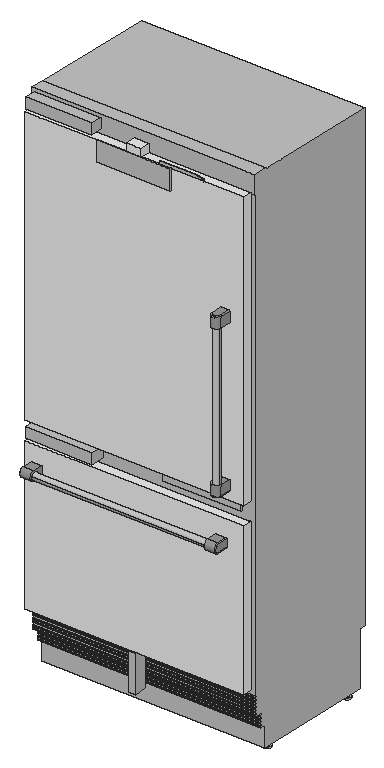
Revit family "FP-Revit20-en-RS9121WLUVE1-IntegratedRefrigerator-0-90003567A-NZ-AU-UK-IE-SG-ASIA-CN", category Specialty Equipment, Revit 2020 (continued)
Definition of nested family "F&P Handle Kit - Contemporary Square Fine - Vertical"
  Dimensions and locks
    aligned and locked: Extrusion 2 to plane 6 "Top Standoff"
    aligned and locked: plane 4 "Top" to Extrusion 1
    aligned and locked: Extrusion 1 to plane 5 "Bottom"
    aligned and locked: plane 4 "Top" to Extrusion 3 sketch curve
    aligned and locked: plane 6 "Top Standoff" to Extrusion 3 sketch curve
    aligned and locked: plane 7 "Bottom Standoff" to Extrusion 3 sketch curve
    aligned and locked: plane 5 "Bottom" to Extrusion 3 sketch curve
    aligned and locked: Extrusion 4 to plane 5 "Bottom"
    aligned and locked: plane 7 "Bottom Standoff" to Extrusion 4
  Automatic sketch dimensions
    Extrusion 1 sketch curve to plane 3 "Center (Left/Right)" = 6.686 mm
    Extrusion 1 sketch curve to plane 3 "Center (Left/Right)" = 6.256 mm
    Extrusion 1 sketch curve to Extrusion 1 sketch curve = 0.999 mm  (x4)
    plane 3 "Center (Left/Right)" to Extrusion 1 sketch curve = 0.018 mm
    plane 3 "Center (Left/Right)" to Extrusion 1 sketch curve = 5.257 mm
    plane 3 "Center (Left/Right)" to Extrusion 1 sketch curve = 5.687 mm
    plane 1 "Center (Front/Back)" to Extrusion 1 sketch curve = 41 mm
    Extrusion 1 sketch curve to Extrusion 1 sketch curve = 0.965 mm  (x2)
    Extrusion 1 sketch curve to Extrusion 1 sketch curve = 1.706 mm
    Extrusion 1 sketch curve to Extrusion 1 sketch curve = 12.307 mm
    Extrusion 1 sketch curve to Extrusion 1 sketch curve = 12.326 mm
    Extrusion 1 sketch curve to Extrusion 1 sketch curve = 0.035 mm  (x2)
    Extrusion 1 sketch curve to Extrusion 1 sketch curve = 0 mm
    plane 1 "Center (Front/Back)" to Extrusion 2 sketch curve = 0 mm
    Extrusion 2 sketch curve to plane 3 "Center (Left/Right)" = 7.7 mm
    Extrusion 2 sketch curve to plane 3 "Center (Left/Right)" = 6.742 mm
    Extrusion 2 sketch curve to Extrusion 2 sketch curve = 0.5 mm  (x2)
    Extrusion 2 sketch curve to plane 3 "Center (Left/Right)" = 0.026 mm
    plane 3 "Center (Left/Right)" to Extrusion 2 sketch curve = 6.242 mm
    plane 3 "Center (Left/Right)" to Extrusion 2 sketch curve = 7.7 mm
    plane 1 "Center (Front/Back)" to Extrusion 2 sketch curve = 26.155 mm
    Extrusion 2 sketch curve to Extrusion 2 sketch curve = 0.018 mm  (x2)
    Extrusion 2 sketch curve to Extrusion 2 sketch curve = 0.026 mm
    Extrusion 2 sketch curve to Extrusion 2 sketch curve = 12.11 mm
    Extrusion 2 sketch curve to Extrusion 2 sketch curve = 0 mm
    plane 1 "Center (Front/Back)" to Extrusion 3 sketch curve = 42 mm
    Extrusion 3 sketch curve to Extrusion 3 sketch curve = 15.755 mm
    Extrusion 3 sketch curve to Extrusion 3 sketch curve = 42 mm  (x2)
    Extrusion 4 sketch curve to plane 3 "Center (Left/Right)" = 7.7 mm
    Extrusion 4 sketch curve to plane 3 "Center (Left/Right)" = 6.742 mm
    Extrusion 4 sketch curve to Extrusion 4 sketch curve = 0.5 mm  (x2)
    Extrusion 4 sketch curve to plane 3 "Center (Left/Right)" = 0.026 mm
    plane 3 "Center (Left/Right)" to Extrusion 4 sketch curve = 6.242 mm
    plane 3 "Center (Left/Right)" to Extrusion 4 sketch curve = 7.7 mm
    plane 1 "Center (Front/Back)" to Extrusion 4 sketch curve = 38.291 mm
    Extrusion 4 sketch curve to Extrusion 4 sketch curve = 12.091 mm
    Extrusion 4 sketch curve to Extrusion 4 sketch curve = 0.018 mm  (x2)
    Extrusion 4 sketch curve to Extrusion 4 sketch curve = 0.452 mm
    Extrusion 4 sketch curve to Extrusion 4 sketch curve = 26.174 mm
    Extrusion 4 sketch curve to Extrusion 4 sketch curve = 0 mm
Definition of nested family "Handle Contemporary Round - Vertical"
  Parameters (values of type "AHSRD9121W - Contemporary round handle (1 of 2) (Vertical) 727mm")
    URL = "www.fisherpaykel.com"
    Material - Handle = none
    Manufacturer = "Fisher & Paykel Appliances"
    Handle - Length = 727 mm
    Default Elevation = 0 mm
  Types (3, lengths in mm): name | Handle - Length
    AHSRD3084W - Contemporary round handle (1 of 2) (Vertical) 727mm | 727
    AHSRD9121W - Contemporary round handle (1 of 2) (Vertical) 727mm | 727
    AHSRD3684W - Contemporary round handle (1 of 2) (Vertical) 879mm | 879
  Reference planes
    plane 1 "Center (Front/Back)": y = 0
    plane 2: z = 0
    plane 3 "Center (Left/Right)": x = 0
    plane 4 "Top": z = 363.5
    plane 5 "Bottom": z = -363.5
    plane 6 "Top Standoff": z = 243.5
    plane 7 "Bottom Standoff": z = -243.5
  Forms (mm)
    Extrusion 1, solid, material <- "Material - Handle"
      sketch origin (0, 0, 0) x (1, 0, 0) y (0, 1, 0)
        loop
          circle (0, -32.3) r 8.7
      from -243.5 to 243.5
    Extrusion 2, solid, material <- "Material - Handle", detail levels fine
      sketch origin (0, 0, 0) x (1, 0, 0) y (0, 1, 0)
        loop
          line (-8.7, 0) -> (-8.7, -32.3)
          arc (-8.7, -32.3) -> (0, -41) -> (8.7, -32.3) r 8.7
          line (8.7, -32.3) -> (8.7, 0) -> (-8.7, 0)
      from 243.5 to 363.5
    Extrusion 3, solid, material <- "Material - Handle", detail levels fine
      sketch origin (0, 0, 0) x (1, 0, 0) y (0, 1, 0)
        loop
          line (-8.7, 0) -> (-8.7, -32.3)
          arc (-8.7, -32.3) -> (0, -41) -> (8.7, -32.3) r 8.7
          line (8.7, -32.3) -> (8.7, 0) -> (-8.7, 0)
      from -363.5 to -243.5
    Sweep 4, void
      path in 3D
        loop
          line (8.7, 0, -363.5) -> (8.7, -32.3, -363.5)
          arc (8.7, -32.3, -363.5) -> (0, -41, -363.5) -> (-8.7, -32.3, -363.5) r 8.7
          line (-8.7, -32.3, -363.5) -> (-8.7, 0, -363.5)
      profile origin (8.7, -16.15, -363.5) x (-1, 0, 0) y (0, 0, -1)
        loop
          line (0, 0) -> (0, -1) -> (1, 0) -> (0, 0)
    Sweep 5, void
      path in 3D
        loop
          line (-8.7, 0, 363.5) -> (-8.7, -32.3, 363.5)
          arc (-8.7, -32.3, 363.5) -> (0, -41, 363.5) -> (8.7, -32.3, 363.5) r 8.7
          line (8.7, -32.3, 363.5) -> (8.7, 0, 363.5)
      profile origin (8.7, -16.15, 363.5) x (-1, 0, 0) y (0, 0, 1)
        loop
          line (0, 0) -> (0, -1) -> (1, 0) -> (0, 0)
    Extrusion 6, solid, material <- "Material - Handle", detail levels coarse+medium
      sketch origin (0, 0, 0) x (1, 0, 0) y (0, 1, 0)
        loop
          line (-8.7, 0) -> (-8.7, -32.3)
          arc (-8.7, -32.3) -> (0, -41) -> (8.7, -32.3) r 8.7
          line (8.7, -32.3) -> (8.7, 0) -> (-8.7, 0)
      from 243.5 to 363.5
    Extrusion 7, solid, material <- "Material - Handle", detail levels coarse+medium
      sketch origin (0, 0, 0) x (1, 0, 0) y (0, 1, 0)
        loop
          line (-8.7, 0) -> (-8.7, -32.3)
          arc (-8.7, -32.3) -> (0, -41) -> (8.7, -32.3) r 8.7
          line (8.7, -32.3) -> (8.7, 0) -> (-8.7, 0)
      from -363.5 to -243.5
  Cuts and joins
    Sweep 4 cuts Extrusion 3
    Sweep 5 cuts Extrusion 2
  Lines and regions (mm)
    sketch lines
      curve 1: line (8.7, 0, -363.5) -> (8.7, -32.3, -363.5)
      curve 2: arc (-8.7, -32.3, -363.5) -> (0, -41, -363.5) -> (8.7, -32.3, -363.5) r 8.7
      curve 3: line (-8.7, -32.3, -363.5) -> (-8.7, 0, -363.5)
      curve 4: line (8.7, -32.3, 363.5) -> (8.7, 0, 363.5)
      curve 5: arc (8.7, -32.3, 363.5) -> (0, -41, 363.5) -> (-8.7, -32.3, 363.5) r 8.7
      curve 6: line (-8.7, 0, 363.5) -> (-8.7, -32.3, 363.5)
  Dimensions and locks
    equal spacing: plane 4 "Top", level, plane 5 "Bottom"
    "Handle - Length": plane 4 "Top" to plane 5 "Bottom"
    locked: plane 4 "Top" to plane 6 "Top Standoff" at 120
    locked: plane 7 "Bottom Standoff" to plane 5 "Bottom" at 120
    Extrusion 2 sketch curve to Extrusion 2 sketch curve = 17.4 mm
    Extrusion 3 sketch curve to Extrusion 3 sketch curve = 17.4 mm
    Extrusion 6 sketch curve to Extrusion 6 sketch curve = 17.4 mm
    Extrusion 7 sketch curve to Extrusion 7 sketch curve = 17.4 mm
    aligned and locked: level to plane 2
    aligned and locked: plane 4 "Top" to Extrusion 2
    aligned and locked: Extrusion 3 to plane 5 "Bottom"
    aligned and locked: plane 7 "Bottom Standoff" to Extrusion 3
    aligned and locked: Extrusion 1 to plane 7 "Bottom Standoff"
    aligned and locked: plane 6 "Top Standoff" to Extrusion 1
    aligned and locked: Extrusion 2 to Extrusion 1
    aligned and locked: Extrusion 6 to Extrusion 1
    aligned and locked: plane 4 "Top" to Extrusion 6
    aligned and locked: Extrusion 7 to Extrusion 1
    aligned and locked: Extrusion 7 to plane 5 "Bottom"
  Automatic sketch dimensions
    Extrusion 1 sketch curve to plane 3 "Center (Left/Right)" = 0 mm
    plane 1 "Center (Front/Back)" to Extrusion 1 sketch curve = 32.3 mm
    plane 1 "Center (Front/Back)" to Extrusion 2 sketch curve = 0 mm
    Extrusion 2 sketch curve to plane 3 "Center (Left/Right)" = 0 mm
    Extrusion 2 sketch curve to plane 3 "Center (Left/Right)" = 8.7 mm
    plane 1 "Center (Front/Back)" to Extrusion 2 sketch curve = 32.3 mm
    plane 1 "Center (Front/Back)" to Extrusion 3 sketch curve = 0 mm
    Extrusion 3 sketch curve to plane 3 "Center (Left/Right)" = 0 mm
    Extrusion 3 sketch curve to plane 3 "Center (Left/Right)" = 8.7 mm
    plane 1 "Center (Front/Back)" to Extrusion 3 sketch curve = 32.3 mm
    Sweep 4 sketch curve to profile plane = 0 mm  (x2)
    Sweep 4 sketch curve to profile plane = 1 mm  (x2)
    Sweep 5 sketch curve to profile plane = 0 mm  (x2)
    Sweep 5 sketch curve to profile plane = 1 mm  (x2)
    Extrusion 6 sketch curve to plane 3 "Center (Left/Right)" = 0 mm
    Extrusion 6 sketch curve to plane 3 "Center (Left/Right)" = 8.7 mm
    plane 1 "Center (Front/Back)" to Extrusion 6 sketch curve = 32.3 mm
    Extrusion 6 sketch curve to Extrusion 6 sketch curve = 32.3 mm
    Extrusion 7 sketch curve to plane 3 "Center (Left/Right)" = 0 mm
    Extrusion 7 sketch curve to plane 3 "Center (Left/Right)" = 8.7 mm
    plane 1 "Center (Front/Back)" to Extrusion 7 sketch curve = 32.3 mm
    Extrusion 7 sketch curve to Extrusion 7 sketch curve = 32.3 mm
    radius of Extrusion 1 sketch curve = 8.7 mm
Definition of nested family "Handle Professional Round - Vertical"
  Parameters (values of type "AHP3RD9121W - Professional round handle (1 of 2) (Vertical) 661mm")
    URL = "www.fisherpaykel.com"
    Material - Standoff = none
    Material - Handle = none
    Manufacturer = "Fisher & Paykel Appliances"
    Handle - Length = 661 mm
    Default Elevation = 0 mm
  Types (4): name
    AHCRD3084W - Professional round handle (1 of 2) (Vertical) 661mm
    AHP3RD9121W - Professional round handle (1 of 2) (Vertical) 661mm
    AHCRD3684WBA - Professional round handle Brass (1 of 2) (Vertical) 661mm
    AHCRD3684WDC - Professional round handle Dark Copper (1 of 2) (Vertical) 661mm
  Reference planes
    plane 1 "Center (Front/Back)": y = 0
    plane 2: z = 0
    plane 3 "Center (Left/Right)": x = 0
    plane 4 "Top": z = 330.5
    plane 5 "Bottom": z = -330.5
    plane 6 "Top Standoff": z = 286.5
    plane 7 "Bottom Standoff": z = -286.5
  Forms (mm)
    Extrusion 1, solid, material <- "Material - Standoff", detail levels fine
      sketch origin (0, 0, 0) x (1, 0, 0) y (0, 1, 0)
        loop
          line (-18.5, 0) -> (-18.5, -41.7)
          arc (-18.5, -41.7) -> (0, -60.2) -> (18.5, -41.7) r 18.5
          line (18.5, -41.7) -> (18.5, 0) -> (-18.5, 0)
      from 286.5 to 330.5
    Extrusion 2, solid, material <- "Material - Standoff", detail levels fine
      sketch origin (0, 0, 0) x (1, 0, 0) y (0, 1, 0)
        loop
          line (-18.5, 0) -> (-18.5, -41.7)
          arc (-18.5, -41.7) -> (0, -60.2) -> (18.5, -41.7) r 18.5
          line (18.5, -41.7) -> (18.5, 0) -> (-18.5, 0)
      from -330.5 to -286.5
    Extrusion 3, solid, material <- "Material - Handle"
      sketch origin (0, 0, 0) x (1, 0, 0) y (0, 1, 0)
        loop
          circle (0, -41.7) r 12.7
      from -286.5 to 286.5
    Sweep 4, void
      path in 3D
        loop
          line (-18.5, 0, 330.5) -> (-18.5, -41.7, 330.5)
          arc (-18.5, -41.7, 330.5) -> (0, -60.2, 330.5) -> (18.5, -41.7, 330.5) r 18.5
          line (18.5, -41.7, 330.5) -> (18.5, 0, 330.5)
      profile origin (18.5, -20.85, 330.5) x (-1, 0, 0) y (0, 0, 1)
        loop
          line (0, 0) -> (0, -3) -> (3, 0) -> (0, 0)
    Sweep 5, void
      path in 3D
        loop
          line (18.5, 0, -330.5) -> (18.5, -41.7, -330.5)
          arc (18.5, -41.7, -330.5) -> (0, -60.2, -330.5) -> (-18.5, -41.7, -330.5) r 18.5
          line (-18.5, -41.7, -330.5) -> (-18.5, 0, -330.5)
      profile origin (18.5, -20.85, -330.5) x (-1, 0, 0) y (0, 0, -1)
        loop
          line (0, 0) -> (0, -3) -> (3, 0) -> (0, 0)
    Extrusion 6, solid, material <- "Material - Standoff", detail levels coarse+medium
      sketch origin (0, 0, 0) x (1, 0, 0) y (0, 1, 0)
        loop
          line (-18.5, 0) -> (-18.5, -41.7)
          arc (-18.5, -41.7) -> (0, -60.2) -> (18.5, -41.7) r 18.5
          line (18.5, -41.7) -> (18.5, 0) -> (-18.5, 0)
      from 286.5 to 330.5
    Extrusion 7, solid, material <- "Material - Standoff", detail levels coarse+medium
      sketch origin (0, 0, 0) x (1, 0, 0) y (0, 1, 0)
        loop
          line (-18.5, 0) -> (-18.5, -41.7)
          arc (-18.5, -41.7) -> (0, -60.2) -> (18.5, -41.7) r 18.5
          line (18.5, -41.7) -> (18.5, 0) -> (-18.5, 0)
      from -330.5 to -286.5
  Cuts and joins
    Sweep 4 cuts Extrusion 1
    Sweep 5 cuts Extrusion 2
  Lines and regions (mm)
    sketch lines
      curve 1: line (18.5, -41.7, 330.5) -> (18.5, 0, 330.5)
      curve 2: arc (18.5, -41.7, 330.5) -> (0, -60.2, 330.5) -> (-18.5, -41.7, 330.5) r 18.5
      curve 3: line (-18.5, 0, 330.5) -> (-18.5, -41.7, 330.5)
      curve 4: line (18.5, 0, -330.5) -> (18.5, -41.7, -330.5)
      curve 5: arc (-18.5, -41.7, -330.5) -> (0, -60.2, -330.5) -> (18.5, -41.7, -330.5) r 18.5
      curve 6: line (-18.5, -41.7, -330.5) -> (-18.5, 0, -330.5)
  Dimensions and locks
    equal spacing: plane 4 "Top", level, plane 5 "Bottom"
    "Handle - Length": plane 4 "Top" to plane 5 "Bottom"
    plane 4 "Top" to plane 6 "Top Standoff" = 44 mm
    plane 7 "Bottom Standoff" to plane 5 "Bottom" = 44 mm
    aligned and locked: level to plane 2
    aligned and locked: plane 4 "Top" to Extrusion 1
    aligned and locked: Extrusion 1 to plane 6 "Top Standoff"
    aligned and locked: Extrusion 2 to plane 5 "Bottom"
    aligned and locked: plane 7 "Bottom Standoff" to Extrusion 2
    aligned and locked: plane 6 "Top Standoff" to Extrusion 3
    aligned and locked: Extrusion 3 to plane 7 "Bottom Standoff"
    aligned and locked: plane 4 "Top" to Extrusion 6
    aligned and locked: Extrusion 7 to plane 5 "Bottom"
    aligned and locked: plane 7 "Bottom Standoff" to Extrusion 7
    aligned and locked: Extrusion 6 to plane 6 "Top Standoff"
  Automatic sketch dimensions
    plane 1 "Center (Front/Back)" to Extrusion 1 sketch curve = 0 mm
    Extrusion 1 sketch curve to plane 3 "Center (Left/Right)" = 0 mm
    Extrusion 1 sketch curve to plane 3 "Center (Left/Right)" = 18.5 mm
    plane 1 "Center (Front/Back)" to Extrusion 1 sketch curve = 41.7 mm
    plane 1 "Center (Front/Back)" to Extrusion 2 sketch curve = 0 mm
    Extrusion 2 sketch curve to plane 3 "Center (Left/Right)" = 0 mm
    Extrusion 2 sketch curve to plane 3 "Center (Left/Right)" = 18.5 mm
    plane 1 "Center (Front/Back)" to Extrusion 2 sketch curve = 41.7 mm
    Extrusion 3 sketch curve to plane 3 "Center (Left/Right)" = 0 mm
    plane 1 "Center (Front/Back)" to Extrusion 3 sketch curve = 41.7 mm
    Sweep 4 sketch curve to profile plane = 0 mm  (x2)
    Sweep 4 sketch curve to profile plane = 3 mm  (x2)
    Sweep 5 sketch curve to profile plane = 0 mm  (x2)
    Sweep 5 sketch curve to profile plane = 3 mm  (x2)
    Extrusion 6 sketch curve to plane 3 "Center (Left/Right)" = 0 mm
    Extrusion 6 sketch curve to plane 3 "Center (Left/Right)" = 18.5 mm
    plane 1 "Center (Front/Back)" to Extrusion 6 sketch curve = 41.7 mm
    Extrusion 6 sketch curve to Extrusion 6 sketch curve = 41.7 mm
    Extrusion 7 sketch curve to plane 3 "Center (Left/Right)" = 0 mm
    Extrusion 7 sketch curve to plane 3 "Center (Left/Right)" = 18.5 mm
    plane 1 "Center (Front/Back)" to Extrusion 7 sketch curve = 41.7 mm
    Extrusion 7 sketch curve to Extrusion 7 sketch curve = 41.7 mm
    radius of Extrusion 3 sketch curve = 12.7 mm
Definition of nested family "Visibility Control Note 18"
  Types (3): name
    New
    Resolved
    Active
  Reference planes
    plane 1: y = 0
    plane 2: x = 0
  Text (mm)
    text "Edit Type: \nTo control handle kit \nand door panel visibility\n options\n\nDelete unwanted kits \nto reduce file size" at (-0.165, 35.556, 0)
